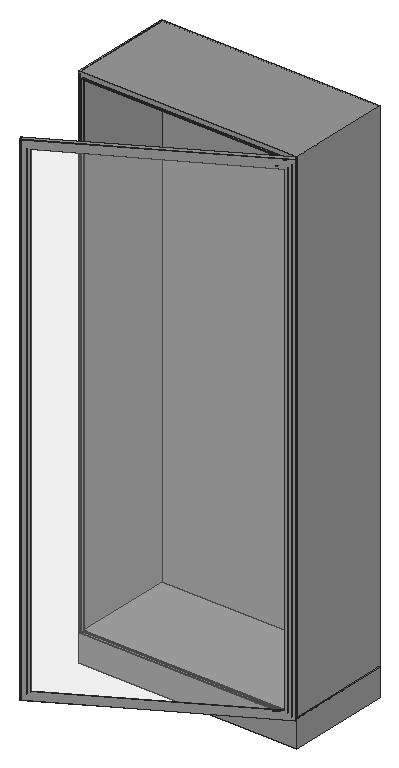
Revit family "Hager-Univers-IP55-D400-H1950-Cl.II-Steel_encl-NoHosted-SE-en", category Equipement électrique, Revit 2020
Family settings
  Configuration du panneau = Deux colonnes, circuits au sein
  Cote de connecteur circulaire = Utiliser le diamètre
  Type d'élément = Tableau de raccordement
  Basée sur le plan de construction = Oui
  Toujours verticalement = Oui
  Couper avec des vides une fois chargée = Non
  Partagée = Non
  Point de calcul de pièce = Non
Parameters (values of type "Floor installation IP55 W800 H1950 D400  - FR23U1")
  Width Control [instance] = if([EF000008 - Width] > Min Width, [EF000008 - Width], Min Width)  # 800 mm
  Commentaires du type = [HG000003 - Range]  # "Univers"
  Thickness Door [instance] = if([EF009171 - Material plate thickness door/cover] > 3 mm, 3 mm, [EF009171 - Material plate thickness door/cover])  # 1.5 mm
  Seal Frame Offset [instance] = 17 mm  # constant formula
  Plinth Visibility [instance] = [HG000027 - Plinth height] > 0 mm  # yes
  Min Width [instance] = 100 mm  # constant formula
  Min Depth [instance] = (2 * [EF009170 - Material plate thickness cabinet]) + 1 mm  # 4 mm
  Min Height [instance] = 100 mm  # constant formula
  Internal Frame Depth [instance] = (Door System Depth * 0.5)  # 9 mm
  Panel Name [instance] = ""  # (empty or 0)
  Model = ""
  HG000027 - Plinth height = 100 mm
  HG000026 - Floor standing = yes
  HG000024 - Bottom section height = 600 mm
  HG000023 - Double section enclosure = no
  HG000016 - Door 3d visibility [instance] = yes
  HG000015 - Clearance visibility [instance] = no
  HG000014 - Door on the right [instance] = yes
  HG000013 - Door on the left [instance] = not([HG000014 - Door on the right])  # no
  HG000012 - Door swing angle [instance] = 30.00°
  HG000010 - Asymmetric doors = no
  HG000009 - Double swing door = no
  HG000006 - Flush mounted = no
  HG000004 - Manufacturer reference = "FR23U1"
  HG000003 - Range = "Univers"
  HG000002 - With door or cover = yes
  Frame Offset Bottom [instance] = 10 mm  # constant formula
  Frame Offset [instance] = 15 mm  # constant formula
  EF015940 - Cover with overpressure release = no
  EF011959 - Degree of protection (NEMA) = ""
  EF009554 - Number of openings for flange plates = 6
  EF009212 - Cover model = "EV000116 - Closed"
  EF009171 - Material plate thickness door/cover = 1.5 mm
  EF009170 - Material plate thickness cabinet = 1.5 mm
  EF008873 - Nominal current (In) = 800 A
  EF007800 - Suitable for lightning protection = no
  EF006306 - With lock = no
  EF006244 - Transparent cover/door = yes
  EF005474 - Degree of protection (IP) = "EV006420 - IP55"
  EF004464 - Type of door = "EV002646 - Single"
  EF004427 - Number of modules = 432
  EF004293 - Impact strength = "EV008784 - IK10"
  EF003532 - Suitable for outdoor use = no
  EF002950 - Width in number of modular spacings = 24
  EF001613 - Circuit integrity = "EV000494 - None"
  EF001596 - Material housing = "EV000179 - Steel"
  EF001131 - Internal depth = 400 mm
  EF001088 - Extension possible = yes
  EF000437 - Number of conduit inlets = 6
  EF000339 - Type of cover = "EV004216 - Door"
  EF000266 - Number of rows = 12
  EF000218 - Built-in depth = 0 mm
  EF000118 - With mounting plate = no
  EF000116 - RAL-number = "7035"
  EF000049 - Depth = 400 mm
  EF000040 - Height = 1950 mm
  EF000008 - Width = 800 mm
  EF000007 - Colour = "EV000270 - Grey"
  EF000003 - Mounting method = "EV012274 - Floor installation"
  Door System Leaf Tolerance [instance] = 1.5 mm  # constant formula
  Door System Depth [instance] = 18 mm  # constant formula
  Door Height [instance] = Height Control - [HG000027 - Plinth height]  # 1850 mm
  Description = ""
  Default Elevation = 1219.2 mm
  Connector Offset [instance] = Height Control / 2  # 975 mm
  Fabricant = "Hager"  # constant formula
  Height Control [instance] = if([EF000040 - Height] > Min Height, [EF000040 - Height], Min Height)  # 1950 mm
  Depth Control [instance] = if([EF000049 - Depth] > Min Depth, [EF000049 - Depth], Min Depth)  # 400 mm
  Bottom Top Plate Trim [instance] = 1.5 mm  # constant formula
  Plinth height Ctrl [instance] = if([HG000027 - Plinth height] > 0 mm, [HG000027 - Plinth height], 12 mm)  # 100 mm
Types (11, lengths in mm): name | Width Control | HG000010 - Asymmetric doors | HG000009 - Double swing door | HG000004 - Manufacturer reference | EF009554 - Number of openings for flange plates | EF006244 - Transparent cover/door | EF004464 - Type of door | EF004427 - Number of modules | EF000437 - Number of conduit inlets | EF000008 - Width
  Floor installation IP55 W1050 H1950 D400  - FR24H1 | 1050 | yes | yes | "FR24H1" | 8 | no | "EV003602 - Double" | 576 | 8 | 1050
  Floor installation IP55 W1050 H1950 D400  - FR24U1 | 1050 | yes | yes | "FR24U1" | 8 | yes | "EV003602 - Double" | 576 | 8 | 1050
  Floor installation IP55 W1300 H1950 D400  - FR25H1 | 1300 | yes | yes | "FR25H1" | 10 | no | "EV003602 - Double" | 720 | 10 | 1300
  Floor installation IP55 W1300 H1950 D400  - FR25U1 | 1300 | yes | yes | "FR25U1" | 10 | yes | "EV003602 - Double" | 720 | 10 | 1300
  Floor installation IP55 W1550 H1950 D400  - FR26H1 | 1550 | yes | yes | "FR26H1" | 12 | no | "EV003602 - Double" | 864 | 12 | 1550
  Floor installation IP55 W1550 H1950 D400  - FR26U1 | 1550 | yes | yes | "FR26U1" | 12 | yes | "EV003602 - Double" | 864 | 12 | 1550
  Floor installation IP55 W300 H1950 D400  - FR21H1 | 300 | no | no | "FR21H1" | 2 | no | "EV002646 - Single" | 144 | 2 | 300
  Floor installation IP55 W550 H1950 D400  - FR22H1 | 550 | no | no | "FR22H1" | 4 | no | "EV002646 - Single" | 288 | 4 | 550
  Floor installation IP55 W550 H1950 D400  - FR22U1 | 550 | no | no | "FR22U1" | 4 | yes | "EV002646 - Single" | 288 | 4 | 550
  Floor installation IP55 W800 H1950 D400  - FR23H1 | 800 | no | no | "FR23H1" | 6 | no | "EV002646 - Single" | 432 | 6 | 800
  Floor installation IP55 W800 H1950 D400  - FR23U1 | 800 | no | no | "FR23U1" | 6 | yes | "EV002646 - Single" | 432 | 6 | 800
Reference planes
  plane 1 "Center (Front/Back)": y = 0
  plane 2: z = 0
  plane 3 "Center (Left/Right)": x = 0
  plane 4: y = 0
  plane 5: y = 0
  plane 6: z = 0
  plane 7: x = -400
  plane 8: x = 400
  plane 9: x = 398.5
  plane 10: x = -398.5
  plane 11: z = 100
  plane 12: z = 101.5
  plane 13: y = -400
  plane 14: y = -1.5
  plane 15: x = 0
  plane 16: y = -382
  plane 17: y = -398.5
  plane 18: y = -380.5
  plane 19: x = -383.5
  plane 20: x = 383.5
  plane 21: z = 111.5
  plane 22: x = -383
  plane 23: x = 383
  plane 24: z = 100
  plane 25: z = 1950
  plane 26: z = 1950
  plane 27: z = 1933.5
  plane 28: z = 1948.5
Forms (mm)
  Extrusion 1, solid, material "Hager_Steel_RAL7035_Light_Grey", detail levels medium+fine
    sketch origin (-208.679, -4572, 100) x (-1, 0, 0) y (0, -1, 0)
      loop
        line (191.321, -4190) -> (-608.679, -4190) -> (-608.679, -4572) -> (191.321, -4572) -> (191.321, -4190)
    from 0 to 1850
  Extrusion 2, void
    sketch origin (-350.771, -400, 1219.2) x (1, 0, 0) y (0, 0, 1)
      loop
        line (-47.729, 729.3) -> (-47.729, -1117.7) -> (749.271, -1117.7) -> (749.271, 729.3) -> (-47.729, 729.3)
    from -19.5 to -398.5
  Extrusion 3, void
    sketch origin (-290.084, -382, 1219.2) x (1, 0, 0) y (0, 0, 1)
      loop
        line (-93.416, -1107.7) -> (673.584, -1107.7) -> (673.584, 714.3) -> (-93.416, 714.3) -> (-93.416, -1107.7)
    from 0 to -1.5
  Extrusion 4, solid, material "Hager_Steel_RAL7035_Light_Grey", visible <- "Plinth Visibility", detail levels medium+fine
    sketch origin (0, 0, 0) x (1, 0, 0) y (0, 1, 0)
      loop
        line (-400, 0) -> (-400, -382) -> (400, -382) -> (400, 0) -> (-400, 0)
    from 0 to 100 <- "Plinth height Ctrl"
  Extrusion 5, solid, material "Hager_Steel_RAL7035_Light_Grey", detail levels coarse
    sketch origin (0, 0, 0) x (1, 0, 0) y (0, 1, 0)
      loop
        line (-400, 0) -> (-400, -400) -> (400, -400) -> (400, 0) -> (-400, 0)
    from 0 to 1950 <- "Height Control"
  Sweep 6, void
    path in 3D
      loop
        line (-400, -382, 100) -> (400, -382, 100) -> (400, 0, 100) -> (-400, 0, 100) -> (-400, -382, 100)
    profile origin (-400, -191, 100) x (1, 0, 0) y (0, 0, 1)
      loop
        line (0, 0) -> (0, -1.5) -> (1.5, -1.5)
        arc (1.5, -1.5) -> (1.061, -0.439) -> (0, 0) r 1.5
  Extrusion 7, solid, material "Hager_Steel_RAL7035_Light_Grey", detail levels fine
    sketch origin (-400, -382, 100) x (1, 0, 0) y (0, 0, 1)
      loop
        line (16.5, 11.5) -> (783.5, 11.5) -> (783.5, 1833.5) -> (16.5, 1833.5) -> (16.5, 11.5)
      loop
        line (15, 10) -> (785, 10) -> (785, 1835) -> (15, 1835) -> (15, 10)
    from 0 to 9 <- "Internal Frame Depth"
Cuts and joins
  Extrusion 2, Extrusion 3 cuts Extrusion 1
  Sweep 6 cuts Extrusion 4
Lines and regions (mm)
  Masking region 1
    outline origin (0, 0, 0) x (1, 0, 0) y (0, 1, 0)
      loop
        line (-400, 0) -> (-400, -400) -> (400, -400) -> (400, 0) -> (-400, 0)
  Masking region 2, detail levels coarse
    outline origin (-290.084, -382, 1219.2) x (-1, 0, 0) y (0, 0, 1)
      loop
        line (-690.084, -1219.2) -> (109.916, -1219.2) -> (109.916, 730.8) -> (-690.084, 730.8) -> (-690.084, -1219.2)
  Masking region 3, detail levels coarse
    outline origin (0, 0, 0) x (0, 1, 0) y (0, 0, 1)
      loop
        line (0, 0) -> (0, 1950) -> (-400, 1950) -> (-400, 0) -> (0, 0)
  Masking region 4, visible <- "Plinth Visibility", detail levels medium+fine
    outline origin (0, 0, 0) x (0, 1, 0) y (0, 0, 1)
      loop
        line (-1.5, 100) -> (-380.5, 100)
        arc (-380.5, 100) -> (-380.939, 98.939) -> (-382, 98.5) r 1.5
        line (-382, 98.5) -> (-382, 0) -> (0, 0) -> (0, 98.5)
        arc (0, 98.5) -> (-1.061, 98.939) -> (-1.5, 100) r 1.5
  Masking region 5, detail levels medium+fine
    outline origin (0, 0, 594.038) x (0, 1, 0) y (0, 0, 1)
      loop
        line (0, -494.038) -> (0, 1355.962) -> (-382, 1355.962) -> (-382, -494.038) -> (0, -494.038)
  Masking region 6, detail levels medium+fine
    outline origin (-359.7, -382, 1211.883) x (-1, 0, 0) y (0, 0, 1)
      loop
        line (-759.7, -1111.883) -> (40.3, -1111.883) -> (40.3, 738.117) -> (-759.7, 738.117) -> (-759.7, -1111.883)
  Masking region 7, visible <- "Plinth Visibility", detail levels medium+fine
    outline origin (-320.334, -382, 1041.368) x (-1, 0, 0) y (0, 0, 1)
      loop
        line (-720.334, -1041.368) -> (79.666, -1041.368) -> (79.666, -942.868)
        arc (79.666, -942.868) -> (78.606, -942.429) -> (78.166, -941.368) r 1.5
        line (78.166, -941.368) -> (-718.834, -941.368)
        arc (-718.834, -941.368) -> (-719.273, -942.429) -> (-720.334, -942.868) r 1.5
        line (-720.334, -942.868) -> (-720.334, -1041.368)
  sketch lines
    curve 1: line (-400, 0, 100) -> (-400, -382, 100)
    curve 2: line (-400, -382, 100) -> (400, -382, 100)
    curve 3: line (400, 0, 100) -> (-400, 0, 100)
    curve 4: line (400, -382, 100) -> (400, 0, 100)
Dimensions and locks
  locked: plane 1 "Center (Front/Back)" to plane 5
  "EF009170 - Material plate thickness cabinet": plane 7 to plane 10
  "EF009170 - Material plate thickness cabinet": plane 8 to plane 9
  equal spacing: plane 7, plane 3 "Center (Left/Right)", plane 8
  "Width Control": plane 7 to plane 8
  "Depth Control": plane 4 to plane 13
  "EF009170 - Material plate thickness cabinet": plane 4 to plane 14
  "Height Control": plane 25 to level
  "HG000027 - Plinth height": plane 11 to level
  "EF009170 - Material plate thickness cabinet": plane 12 to plane 11
  "EF009170 - Material plate thickness cabinet": plane 17 to plane 13
  "EF009170 - Material plate thickness cabinet": plane 18 to plane 16
  "Frame Offset Bottom": plane 21 to plane 12
  "Frame Offset": plane 10 to plane 19
  "Frame Offset": plane 9 to plane 20
  "Door System Depth": plane 16 to plane 13
  "Seal Frame Offset": plane 7 to plane 22
  "Seal Frame Offset": plane 8 to plane 23
  "EF009170 - Material plate thickness cabinet": plane 26 to plane 28
  "Frame Offset": plane 28 to plane 27
  "Connector Offset": plane 2 to connector elem
  "Bottom Top Plate Trim": profile plane to Sweep 6 sketch curve
  "Bottom Top Plate Trim": Sweep 6 sketch curve to Sweep 6 sketch curve
  "Plinth height Ctrl": Masking region 4 sketch curve to level
  "Plinth height Ctrl": Masking region 7 sketch curve to level
  "Thickness Door": Extrusion 7 sketch curve to Extrusion 7 sketch curve  (x4)
  "Bottom Top Plate Trim": radius of Sweep 6 sketch curve
  "Bottom Top Plate Trim": radius of Masking region 4 sketch curve  (x2)
  "Bottom Top Plate Trim": radius of Masking region 7 sketch curve  (x2)
  aligned and locked: Extrusion 2 sketch curve to plane 12
  aligned and locked: Extrusion 2 sketch curve to plane 9
  aligned and locked: Extrusion 2 sketch curve to plane 10
  aligned and locked: Extrusion 2 to plane 14
  aligned and locked: Extrusion 1 sketch curve to plane 4
  aligned and locked: plane 8 to Extrusion 1 sketch curve
  aligned and locked: plane 7 to Extrusion 1 sketch curve
  aligned and locked: Extrusion 2 to plane 18
  aligned and locked: Extrusion 3 sketch curve to plane 19
  aligned and locked: plane 20 to Extrusion 3 sketch curve
  aligned and locked: Extrusion 3 to Extrusion 2
  aligned and locked: Extrusion 3 sketch curve to plane 21
  aligned and locked: plane 3 "Center (Left/Right)" to nested 1
  aligned and locked: Extrusion 1 sketch curve to plane 16
  aligned and locked: Extrusion 4 sketch curve to cut or joined group of Extrusion 1, Extrusion 2, Extrusion 3
  aligned and locked: Masking region 1 sketch curve to plane 7
  aligned and locked: Masking region 1 sketch curve to plane 5
  aligned and locked: Masking region 1 sketch curve to plane 8
  aligned and locked: Masking region 2 sketch curve to level
  aligned and locked: level to Masking region 3 sketch curve
  aligned and locked: plane 1 "Center (Front/Back)" to Masking region 3 sketch curve
  aligned and locked: plane 13 to Masking region 3 sketch curve
  aligned and locked: plane 5 to Masking region 4 sketch curve
  aligned and locked: Masking region 2 sketch curve to plane 8
  aligned and locked: Masking region 2 sketch curve to plane 7
  aligned and locked: plane 7 to nested 2
  aligned and locked: nested 2 to plane 5
  aligned and locked: plane 5 to Masking region 5 sketch curve
  aligned and locked: plane 26 to Masking region 5 sketch curve
  aligned and locked: Extrusion 5 sketch curve to plane 8
  aligned and locked: Extrusion 5 sketch curve to plane 7
  aligned and locked: Extrusion 5 sketch curve to plane 5
  aligned and locked: Extrusion 3 sketch curve to plane 27
  aligned and locked: Extrusion 2 sketch curve to plane 28
  aligned and locked: Masking region 2 to plane 25
  aligned and locked: Extrusion 4 to plane 16
  aligned and locked: profile plane to Sweep 6 sketch curve
  aligned and locked: Masking region 5 sketch curve to plane 24
  aligned and locked: level to Masking region 4 sketch curve
  aligned and locked: Masking region 1 to plane 13
  aligned and locked: nested 1 to plane 16
  aligned and locked: Masking region 3 to plane 25
  aligned and locked: plane 16 to Masking region 4 sketch curve
  aligned and locked: Masking region 5 sketch curve to plane 16
  aligned and locked: plane 24 to plane 11
  aligned and locked: plane 26 to plane 25
  aligned and locked: plane 26 to cut or joined group of Extrusion 1, Extrusion 2, Extrusion 3
  aligned and locked: nested 1 to plane 24
  aligned and locked: Extrusion 1 to Extrusion 3
  aligned and locked: Masking region 6 sketch curve to plane 8
  aligned and locked: Masking region 6 sketch curve to plane 24
  aligned and locked: Masking region 6 sketch curve to plane 7
  aligned and locked: Masking region 6 sketch curve to plane 26
  aligned and locked: Masking region 7 sketch curve to plane 7
  aligned and locked: level to Masking region 7 sketch curve
  aligned and locked: Masking region 7 sketch curve to plane 8
  aligned and locked: Extrusion 7 sketch curve to cut or joined group of Extrusion 1, Extrusion 2, Extrusion 3  (x4)
Automatic sketch dimensions
  plane 19 to Extrusion 3 sketch curve = 0 mm
  Extrusion 3 sketch curve to plane 20 = 0 mm
  Extrusion 3 sketch curve to plane 21 = 0 mm
  Extrusion 4 sketch curve to plane 7 = 0 mm
  Extrusion 4 sketch curve to plane 8 = 0 mm
  Extrusion 4 sketch curve to plane 16 = 0 mm
  Masking region 1 sketch curve to plane 13 = 0 mm
  Masking region 2 sketch curve to plane 25 = 0 mm
  Masking region 3 sketch curve to plane 25 = 0 mm
  Extrusion 5 sketch curve to plane 13 = 0 mm
  profile plane to Sweep 6 sketch curve = 0 mm
Nested families
  nested 1: "EC000058_Univers_Door" at (0, -382, 100), Double <- "HG000009 - Double swing door", Transparent <- "EF006244 - Transparent cover/door", Angle <- "HG000012 - Door swing angle", Door_Right <- "HG000014 - Door on the right", Assymetrical <- "HG000010 - Asymmetric doors", Door <- "HG000002 - With door or cover", Width_Ctrl <- "Width Control", 3d_Door <- "HG000016 - Door 3d visibility", Clearance <- "HG000015 - Clearance visibility", Door_Left <- "HG000013 - Door on the left", Width <- "Width Control", Door_Depth <- "Door System Depth", Leaf_Tolerance <- "Door System Leaf Tolerance", Height <- "Door Height", Lock_Visibility <- "EF006306 - With lock", Thickness <- "Thickness Door", type "EC000058_Univers_Door", detail levels medium+fine
    with min_wh 4 mm, Width_Ctrl 800 mm, Width 800 mm, Transparent yes, Thickness 1.5 mm, Seal_Material Hager_Rubber, Lock_Visibility no, Lock_Material Hager_Plastic_RAL9005_Jet_Black, Leaf_Width 800 mm, Leaf_Tolerance_External_Sides 0 mm, Leaf_Tolerance 1.5 mm, Leaf_Offset 0 mm, Leaf_Height 1847 mm, Leaf_2_Width 800 mm, Leaf_2_Offset 400 mm, Leaf_1_Width 800 mm, Leaf_1_Offset 400 mm, Height_Ctrl 1850 mm, Height 1850 mm, Glass_Material Hager_Glass, Double_Clearance_Ctrl no, Double no, Door_Right_Ctrl yes, Door_Right yes, Door_Material Hager_Steel_RAL7035_Light_Grey, Door_Left_Ctrl no, Door_Left no, Door_Depth 18 mm, Door yes, Clearance_Material Hager_Clearance, Clearance_Depth 800 mm, Clearance_Ctrl no, Clearance no, Assymetrical no, Angle 30.00°, 3d_Door yes
  nested 2: "Hager_Enclosure_Symbol" at (-400, 0, 0), Height <- "Depth Control", Width <- "Width Control", type "Hager_Enclosure_Symbol"
    with Width_Ctrl 800 mm, Width 800 mm, Height_Ctrl 400 mm, Height 400 mm, A_Width_Int 26.25 mm, A_Width 315 mm, A_Height_Ctrl 350 mm, A_Height 350 mm
Connectors
  electrical at (0, 0, 975)
    settings: on plane 1 "Center (Front/Back)", index 1, voltage 0 V, apparent load 0 VA, apparent load phase1 0 VA, apparent load phase2 0 VA, apparent load phase3 0 VA, power factor 1, load classification "Other", number of poles 1, system type 30, power factor state 1, is connector primary yes, connector utility no, sub classification motor no, connector description ""
Definition of nested family "EC000058_Univers_Door"
  Parameters (values of type "EC000058_Univers_Door")
    min_wh [instance] = (2 * Thickness) + 1 mm  # 11 mm
    Width_Ctrl [instance] = 400 mm
    Width [instance] = 500 mm
    Transparent [instance] = yes
    Thickness [instance] = 5 mm
    Seal_Material [instance] = none
    Lock_Visibility [instance] = yes
    Lock_Material [instance] = none
    Leaf_Width [instance] = if((Width_Ctrl - 2 * Leaf_Tolerance_External_Sides) > 0 mm, (Width_Ctrl - 2 * Leaf_Tolerance_External_Sides), min_wh)  # 400 mm
    Leaf_Tolerance_External_Sides [instance] = 0 mm  # constant formula
    Leaf_Tolerance [instance] = 1.5 mm
    Leaf_Offset [instance] = 0 mm  # constant formula
    Leaf_Height [instance] = if((Height_Ctrl - 2 * Leaf_Tolerance) > 0 mm, (Height_Ctrl - 2 * Leaf_Tolerance), min_wh)  # 497 mm
    Leaf_2_Width [instance] = if(and(and(Double, Assymetrical), Door_Left), (Leaf_Width / 3) - (Leaf_Tolerance / 2), if(and(and(Double, Assymetrical), Door_Right), (Leaf_Width / 3) * 2 - (Leaf_Tolerance / 2), if(and(Double, not(Assymetrical)), (Leaf_Width / 2) - Leaf_Tolerance, Leaf_Width)))  # 400 mm
    Leaf_2_Offset [instance] = if(and(Double, Assymetrical), Leaf_2_Width / 2, if(and(Double, not(Assymetrical)), Leaf_Width / 4, Leaf_Width / 2))  # 200 mm
    Leaf_1_Width [instance] = if(and(and(Double, Assymetrical), Door_Right), (Leaf_Width / 3) - (Leaf_Tolerance / 2), if(and(and(Double, Assymetrical), Door_Left), (Width / 3) * 2 - (Leaf_Tolerance / 2), if(and(Double, not(Assymetrical)), (Leaf_Width / 2) - Leaf_Tolerance, Leaf_Width)))  # 400 mm
    Leaf_1_Offset [instance] = if(and(Double, Assymetrical), Leaf_1_Width / 2, if(and(Double, not(Assymetrical)), Leaf_Width / 4, Leaf_Width / 2))  # 200 mm
    Height_Ctrl [instance] = if(Height > min_wh, Height, min_wh)  # 500 mm
    Height [instance] = 500 mm
    Glass_Material [instance] = none
    Double_Clearance_Ctrl [instance] = and(Double, Clearance)  # no
    Double [instance] = no
    Door_Right_Ctrl [instance] = and(or(Door_Right, Double), Door)  # yes
    Door_Right [instance] = yes
    Door_Material [instance] = none
    Door_Left_Ctrl [instance] = and(or(Door_Left, Double), Door)  # no
    Door_Left [instance] = no
    Door_Depth [instance] = 30 mm
    Door [instance] = yes
    Default Elevation = 1219.2 mm
    Clearance_Material [instance] = none
    Clearance_Depth [instance] = if(Leaf_1_Width > Leaf_2_Width, Leaf_1_Width, Leaf_2_Width)  # 400 mm
    Clearance_Ctrl [instance] = and(not(Double), Clearance)  # yes
    Clearance [instance] = yes
    Assymetrical [instance] = yes
    Angle [instance] = 30.00°
    3d_Door [instance] = yes
  Reference planes
    plane 1 "Center (Front/Back)": y = 0
    plane 2 "Bottom": z = 0
    plane 3 "Center (Left/Right)": x = 0
    plane 4: z = 500
    plane 5: x = -200
    plane 6: x = 200
    plane 7: z = 500
    plane 8: x = -200
    plane 9: z = 0
    plane 10: x = 200
    plane 11: y = 0
    plane 12: z = 1.5
    plane 13: x = -600
    plane 14: y = -400
    plane 15: x = 600
    plane 16: x = 0
    plane 17: x = 0
    plane 18: x = -200
    plane 19: x = 200
    plane 20: z = 498.5
  Forms (mm)
    Extrusion 1, solid, material <- "Clearance_Material", visible <- "Double_Clearance_Ctrl"
      sketch origin (1200, 0, 0) x (1, 0, 0) y (0, 0, -1)
        loop
          line (-1800, -498.5) -> (-600, -498.5) -> (-600, 0) -> (-1800, 0) -> (-1800, -498.5)
      from 0 to -400
  Dimensions and locks
    equal spacing: plane 5, plane 3 "Center (Left/Right)", plane 6
    "Width_Ctrl": plane 5 to plane 6
    "Leaf_Offset": plane 5 to plane 8
    "Leaf_Offset": plane 6 to plane 10
    "Leaf_Offset": plane 9 to level
    "Leaf_Offset": plane 4 to plane 7
    "Height_Ctrl": plane 4 to level
    "Leaf_Tolerance": plane 12 to plane 9
    locked: plane 11 to plane 1 "Center (Front/Back)"
    "Leaf_1_Offset": plane 18 to plane 16
    "Leaf_2_Offset": plane 17 to plane 19
    "Leaf_1_Width": plane 13 to plane 8
    "Leaf_2_Width": plane 10 to plane 15
    "Clearance_Depth": plane 14 to plane 1 "Center (Front/Back)"
    "Leaf_Tolerance_External_Sides": plane 8 to plane 18
    "Leaf_Tolerance_External_Sides": plane 19 to plane 10
    "Leaf_Tolerance": plane 7 to plane 20
    aligned and locked: level to plane 2 "Bottom"
    aligned and locked: nested 1 to plane 16
    aligned and locked: nested 2 to plane 17
    aligned and locked: Extrusion 1 to plane 13
    aligned and locked: plane 15 to Extrusion 1
    aligned and locked: Extrusion 1 to plane 14
    aligned and locked: plane 12 to nested 1
    aligned and locked: nested 2 to plane 12
    aligned and locked: Extrusion 1 to plane 11
    aligned and locked: plane 20 to Extrusion 1
    aligned and locked: nested 2 to plane 11
    aligned and locked: nested 1 to plane 11
  Automatic sketch dimensions
    Extrusion 1 sketch curve to level = 0 mm
    plane 5 to Extrusion 1 sketch curve = 400 mm
    plane 6 to Extrusion 1 sketch curve = 400 mm
    Extrusion 1 sketch curve to plane 4 = 1.5 mm
  Nested families
    nested 1: "EC000058_Univers_Door_Leaf" at (0, 0, 1.5), Width <- "Leaf_1_Width", visible <- "Door_Left_Ctrl", Leaf_Height <- "Leaf_Height", Angle <- "Angle", 3d_Door <- "3d_Door", Transparent <- "Transparent", Clearance Material <- "Clearance_Material", Clearance <- "Clearance_Ctrl", Door_Material <- "Door_Material", Glass_Material <- "Glass_Material", Door_Depth <- "Door_Depth", Lock_Material <- "Lock_Material", Seal_Material <- "Seal_Material", Lock_Visibility <- "Lock_Visibility", Thickness <- "Thickness", type "EC000058_Univers_Door_Leaf"
      with Width 400 mm, Transparent_Glass_Offset 30 mm, Transparent_Ctrl yes, Transparent yes, Thickness 5 mm, Standard no, Seal_Material none, Seal_D2 8 mm, Seal_D1 1 mm, Offset_Internal_Frame 10 mm, Lock_Width 20 mm, Lock_Visibility_3d yes, Lock_Visibility yes, Lock_Thickness_3 3 mm, Lock_Thickness_2 1 mm, Lock_Thickness_1 3 mm, Lock_Radius_Offset_2 16 mm, Lock_Radius_Offset_1 15 mm, Lock_Radius_2 5 mm, Lock_Radius 6 mm, Lock_Offset 5 mm, Lock_Material none, Lock_Height 80 mm, Lock_Cover_Top_Offset_2d 17 mm, Lock_Cover_Height -65 mm, Leaf_Height 497 mm, Internal_Seal_Thickness 8 mm, Internal_Seal_Depth_2 4.5 mm, Internal_Frame_Depth 25 mm, Glass_Thickness -1 mm, Glass_Offset -2 mm, Glass_Material none, Door_Material none, Door_Depth 30 mm, Clearance Material none, Clearance yes, Angle_Ctrl 30.00°, Angle 30.00°, 3d_Door yes
    nested 2: "EC000058_Univers_Door_Leaf" at (0, 0, 1.5) x (-1, 0, 0) z (0, 0, 1), Width <- "Leaf_2_Width", visible <- "Door_Right_Ctrl", Leaf_Height <- "Leaf_Height", Angle <- "Angle", 3d_Door <- "3d_Door", Transparent <- "Transparent", Clearance Material <- "Clearance_Material", Clearance <- "Clearance_Ctrl", Door_Material <- "Door_Material", Glass_Material <- "Glass_Material", Door_Depth <- "Door_Depth", Lock_Material <- "Lock_Material", Seal_Material <- "Seal_Material", Lock_Visibility <- "Lock_Visibility", Thickness <- "Thickness", type "EC000058_Univers_Door_Leaf"
      with Width 400 mm, Transparent_Glass_Offset 30 mm, Transparent_Ctrl yes, Transparent yes, Thickness 5 mm, Standard no, Seal_Material none, Seal_D2 8 mm, Seal_D1 1 mm, Offset_Internal_Frame 10 mm, Lock_Width 20 mm, Lock_Visibility_3d yes, Lock_Visibility yes, Lock_Thickness_3 3 mm, Lock_Thickness_2 1 mm, Lock_Thickness_1 3 mm, Lock_Radius_Offset_2 16 mm, Lock_Radius_Offset_1 15 mm, Lock_Radius_2 5 mm, Lock_Radius 6 mm, Lock_Offset 5 mm, Lock_Material none, Lock_Height 80 mm, Lock_Cover_Top_Offset_2d 17 mm, Lock_Cover_Height -65 mm, Leaf_Height 497 mm, Internal_Seal_Thickness 8 mm, Internal_Seal_Depth_2 4.5 mm, Internal_Frame_Depth 25 mm, Glass_Thickness -1 mm, Glass_Offset -2 mm, Glass_Material none, Door_Material none, Door_Depth 30 mm, Clearance Material none, Clearance yes, Angle_Ctrl 30.00°, Angle 30.00°, 3d_Door yes
  Definition of nested family "EC000058_Univers_Door_Leaf"
    Parameters (values of type "EC000058_Univers_Door_Leaf")
      Width [instance] = 2000 mm
      Transparent_Glass_Offset [instance] = 30 mm
      Transparent_Ctrl [instance] = and(Transparent, [3d_Door])  # yes
      Transparent [instance] = yes
      Thickness [instance] = 5 mm
      Standard [instance] = and(not(Transparent), [3d_Door])  # no
      Seal_Material [instance] = none
      Seal_D2 [instance] = 8 mm  # constant formula
      Seal_D1 [instance] = 1 mm  # constant formula
      Offset_Internal_Frame [instance] = 10 mm  # constant formula
      Lock_Width [instance] = 20 mm  # constant formula
      Lock_Visibility_3d [instance] = and(Lock_Visibility, [3d_Door])  # yes
      Lock_Visibility [instance] = yes
      Lock_Thickness_3 [instance] = 3 mm  # constant formula
      Lock_Thickness_2 [instance] = 1 mm  # constant formula
      Lock_Thickness_1 [instance] = 3 mm  # constant formula
      Lock_Radius_Offset_2 [instance] = Lock_Radius_Offset_1 + 1 mm  # 16 mm
      Lock_Radius_Offset_1 [instance] = 15 mm  # constant formula
      Lock_Radius_2 [instance] = Lock_Radius - 1 mm  # 5 mm
      Lock_Radius [instance] = 6 mm  # constant formula
      Lock_Offset [instance] = 5 mm  # constant formula
      Lock_Material [instance] = none
      Lock_Height [instance] = 80 mm  # constant formula
      Lock_Cover_Top_Offset_2d [instance] = Lock_Radius_Offset_2 + 1 mm  # 17 mm
      Lock_Cover_Height [instance] = -(Lock_Height - Lock_Radius_Offset_1)  # -65 mm
      Leaf_Height [instance] = 2720.336 mm
      Internal_Seal_Thickness [instance] = 8 mm  # constant formula
      Internal_Seal_Depth_2 [instance] = 4.5 mm  # constant formula
      Internal_Frame_Depth [instance] = if(Door_Depth - Thickness > 5 mm, Door_Depth - Thickness, 5 mm)  # 25 mm
      Glass_Thickness [instance] = if(Thickness > 15 mm, Glass_Offset + 10 mm, -1 mm)  # -1 mm
      Glass_Offset [instance] = if(Thickness > 15 mm, -(Thickness + 10 mm) / 2, -2 mm)  # -2 mm
      Glass_Material [instance] = none
      Door_Material [instance] = none
      Door_Depth [instance] = 30 mm
      Default Elevation = 0 mm
      Clearance Material [instance] = none
      Clearance [instance] = yes
      Angle_Ctrl [instance] = if(Angle > 180.00°, 180.00°, Angle)  # 90.00°
      Angle [instance] = 90.00°
      3d_Door [instance] = yes
    Reference planes
      plane 1 "Center (Front/Back)": y = 0
      plane 2: z = 0
      plane 3 "Center (Left/Right)": x = 0
      plane 4: y = 2000
      plane 5: x = -1000
      plane 6: x = 1000
      plane 7: x = -3000
      plane 8: z = 2720.336
      plane 9: z = 30
      plane 10: z = 2690.336
      plane 11: x = 970
      plane 12: x = -970
      plane 13: y = -3
      plane 14: z = 107.833
      plane 15: y = -5
      plane 16: y = -223.314
      plane 17: x = -1000
      plane 18: z = 1360.168
      plane 19: y = 30
    Forms (mm)
      Extrusion 1, solid, material <- "Clearance Material", visible <- "Clearance"
        sketch origin (0, 0, 0) x (1, 0, 0) y (0, 0, 1)
          loop
            line (-3000, 2720.336) -> (-3000, 0) -> (1000, 0) -> (1000, 2720.336) -> (-3000, 2720.336)
        from 0 to -2000
      Extrusion 2, solid, material <- "Door_Material", visible <- "Standard", detail levels medium+fine
        sketch origin (-1000, 0, 0) x (0, 1, 0) y (-1, 0, 0)
          loop
            line (0, 30) -> (0, 25) -> (2000, 25) -> (2000, 30) -> (0, 30)
        from 0 to 2720.336 <- "Leaf_Height"
      Extrusion 3, solid, material <- "Door_Material", visible <- "Transparent_Ctrl", detail levels medium+fine
        sketch origin (-1000, 0, 0) x (0, 1, 0) y (-1, 0, 0)
          loop
            line (0, 25) -> (2000, 25) -> (2000, 30) -> (0, 30) -> (0, 25)
        from 0 to 2720.336 <- "Leaf_Height"
      Extrusion 4, void
        sketch origin (-1025, 2000, 0) x (0, 1, 0) y (0, 0, -1)
          loop
            line (-30, -2690.336) -> (-30, -30) -> (-1970, -30) -> (-1970, -2690.336) -> (-30, -2690.336)
        from 0 to 5 <- "Thickness"
      Sweep 5, solid, material <- "Seal_Material", visible <- "Transparent_Ctrl", detail levels fine
        path in 3D
          loop
            line (-1025, 30, 30) -> (-1025, 30, 2690.336) -> (-1025, 1970, 2690.336) -> (-1025, 1970, 30) -> (-1025, 30, 30)
        profile origin (-1025, 1000, 30) x (1, 0, 0) y (0, 0, 1)
          loop
            line (0, 0) -> (0, -8) -> (1, -8) -> (1, 0) -> (0, 0)
      Extrusion 6, solid, material <- "Glass_Material", visible <- "Transparent_Ctrl", detail levels medium+fine
        sketch origin (-1030, 0, 0) x (0, 1, 0) y (0, 0, -1)
          loop
            line (1970, -2690.336) -> (1970, -30) -> (30, -30) -> (30, -2690.336) -> (1970, -2690.336)
        from -2 <- "Glass_Offset" to -1 <- "Glass_Thickness"
      Extrusion 7, solid, material <- "Door_Material", visible <- "3d_Door", detail levels medium+fine
        sketch origin (-1025, 2000, 0) x (0, -1, 0) y (0, 0, -1)
          loop
            line (0, -2720.336) -> (2000, -2720.336) -> (2000, 0) -> (0, 0) -> (0, -2720.336)
          loop
            line (1995, -5) -> (5, -5) -> (5, -2715.336) -> (1995, -2715.336) -> (1995, -5)
        from 0 to 25 <- "Internal_Frame_Depth"
      Sweep 8, solid, material <- "Seal_Material", visible <- "Transparent_Ctrl", detail levels fine
        path in 3D
          loop
            line (-1025, 0, 0) -> (-1025, 2000, 0) -> (-1025, 2000, 2720.336) -> (-1025, 0, 2720.336) -> (-1025, 0, 0)
        profile origin (-1025, 0, 1360.168) x (1, 0, 0) y (0, 1, 0)
          loop
            line (0, 10) -> (2.975, 10)
            arc (2.975, 10) -> (4.053, 10.447) -> (4.5, 11.525) r 1.525
            line (4.5, 11.525) -> (4.5, 16.527)
            arc (4.5, 16.527) -> (4.069, 17.569) -> (3.027, 18) r 1.473
            line (3.027, 18) -> (0, 18) -> (0, 10)
      Extrusion 9, solid, material <- "Lock_Material", visible <- "Lock_Visibility_3d", detail levels fine
        sketch origin (-1030, 0, 0) x (0, 1, 0) y (0, 0, -1)
          loop
            arc (1993.5, -1400.168) -> (1994.561, -1399.729) -> (1995, -1398.668) r 1.5
            line (1995, -1398.668) -> (1995, -1320.168) -> (1975, -1320.168) -> (1975, -1398.668)
            arc (1975, -1398.668) -> (1975.439, -1399.729) -> (1976.5, -1400.168) r 1.5
            line (1976.5, -1400.168) -> (1993.5, -1400.168)
        from 3 <- "Lock_Thickness_1" to 0
      Blend 10, solid, material <- "Lock_Material", visible <- "Lock_Visibility_3d", detail levels fine
        base sketch origin (-1033, 0, 0) x (0, 1, 0) y (0, 0, -1)
          loop
            line (1975, -1320.168) -> (1975, -1398.668)
            arc (1975, -1398.668) -> (1975.439, -1399.729) -> (1976.5, -1400.168) r 1.5
            line (1976.5, -1400.168) -> (1993.5, -1400.168)
            arc (1993.5, -1400.168) -> (1994.561, -1399.729) -> (1995, -1398.668) r 1.5
            line (1995, -1398.668) -> (1995, -1320.168) -> (1975, -1320.168)
        top sketch origin (-1033, 0, 0) x (0, 1, 0) y (0, 0, -1)
          loop
            line (1976, -1320.168) -> (1976, -1398.668)
            arc (1976, -1398.668) -> (1976.146, -1399.022) -> (1976.5, -1399.168) r 0.5
            line (1976.5, -1399.168) -> (1993.5, -1399.168)
            arc (1993.5, -1399.168) -> (1993.854, -1399.022) -> (1994, -1398.668) r 0.5
            line (1994, -1398.668) -> (1994, -1320.168) -> (1976, -1320.168)
        from 0 to 1 <- "Lock_Thickness_2"
      Blend 11, solid, material <- "Lock_Material", visible <- "Lock_Visibility_3d", detail levels fine
        base sketch origin (-1034, 0, 0) x (0, 1, 0) y (0, 0, -1)
          loop
            line (1978, -1320.168) -> (1978, -1384.168)
            arc (1978, -1384.168) -> (1985, -1391.168) -> (1992, -1384.168) r 7
            line (1992, -1384.168) -> (1992, -1320.168) -> (1978, -1320.168)
        top sketch origin (-1034, 0, 0) x (0, 1, 0) y (0, 0, -1)
          loop
            line (1991, -1320.168) -> (1979, -1320.168) -> (1979, -1383.168)
            arc (1979, -1383.168) -> (1985, -1389.168) -> (1991, -1383.168) r 6
            line (1991, -1383.168) -> (1991, -1320.168)
        from 0 to 3 <- "Lock_Thickness_3"
      Extrusion 12, solid, material <- "Lock_Material", visible <- "Lock_Visibility_3d", detail levels fine
        sketch origin (-1030, 1975, 1320.168) x (1, 0, 0) y (0, -1, 0)
          loop
            line (-7, -19) -> (-7, -1) -> (0, -1) -> (0, 0) -> (-8, 0) -> (-8, -20) -> (0, -20) -> (0, -19) -> (-7, -19)
        from 0 to -65 <- "Lock_Cover_Height"
      Extrusion 13, void
        sketch origin (-1038, 1995, 1320.168) x (-1, 0, 0) y (0, 0, -1)
          loop
            line (-5, -65) -> (0, -65) -> (-5, -60) -> (-5, -65)
        from 0 to 20 <- "Lock_Width"
      Extrusion 14, void
        sketch origin (-1038, 1975, 1320.168) x (0, -1, 0) y (0, 0, -1)
          loop
            circle (-10, -15.995) r 6
          loop
            circle (-10, -15.995) r 5
        from 0 to 2
      Extrusion 15, solid, material <- "Lock_Material", visible <- "Lock_Visibility_3d", detail levels medium
        sketch origin (-1030, 0, 0) x (0, 1, 0) y (0, 0, -1)
          loop
            arc (1993.5, -1400.168) -> (1994.561, -1399.729) -> (1995, -1398.668) r 1.5
            line (1995, -1398.668) -> (1995, -1320.168) -> (1975, -1320.168) -> (1975, -1398.668)
            arc (1975, -1398.668) -> (1975.439, -1399.729) -> (1976.5, -1400.168) r 1.5
            line (1976.5, -1400.168) -> (1993.5, -1400.168)
        from 8 to 0
    Cuts and joins
      Extrusion 4 cuts Extrusion 3
      Extrusion 13, Extrusion 14 cuts Extrusion 9
      Extrusion 14 cuts Blend 11
      Extrusion 13, Extrusion 14 cuts Extrusion 12
      joined: Extrusion 9, Blend 10, Blend 11, Extrusion 12
      Extrusion 14 cuts Extrusion 15
    Lines and regions (mm)
      Masking region 1, visible <- "Lock_Visibility", detail levels fine
        outline origin (0, 0, 0) x (0, 1, 0) y (0, 0, 1)
          loop
            line (30, 1320.168) -> (33, 1320.168) -> (33, 1400.168) -> (30, 1400.168) -> (30, 1320.168)
      Masking region 2, visible <- "Lock_Visibility", detail levels fine
        outline origin (0, 3.143, 0) x (0, 1, 0) y (0, 0, 1)
          loop
            line (29.857, 1354.168) -> (30.857, 1354.168) -> (30.857, 1366.168) -> (29.857, 1366.168) -> (29.857, 1354.168)
      Masking region 3, detail levels medium+fine
        outline origin (0, 0, 0) x (0, 1, 0) y (0, 0, 1)
          loop
            line (0, 0) -> (30, 0) -> (30, 2720.336) -> (0, 2720.336) -> (0, 0)
      Masking region 4, detail levels medium+fine
        outline origin (0, 0, 0) x (1, 0, 0) y (0, 0, 1)
          loop
            line (-1000, 2720.336) -> (-1000, 0) -> (1000, 0) -> (1000, 2720.336) -> (-1000, 2720.336)
      Masking region 5, visible <- "Lock_Visibility", detail levels fine
        outline origin (-47.116, 0, 0) x (1, 0, 0) y (0, 0, 1)
          loop
            arc (1024.616, 1399.168) -> (1023.556, 1398.729) -> (1023.116, 1397.668) r 1.5
            line (1023.116, 1397.668) -> (1023.116, 1320.168) -> (1041.116, 1320.168) -> (1041.116, 1397.668)
            arc (1041.116, 1397.668) -> (1040.677, 1398.729) -> (1039.616, 1399.168) r 1.5
            line (1039.616, 1399.168) -> (1024.616, 1399.168)
      Masking region 6, visible <- "Lock_Visibility", detail levels medium+fine
        outline origin (-25, 0, 0) x (1, 0, 0) y (0, 0, 1)
          loop
            arc (1001.5, 1400.168) -> (1000.439, 1399.729) -> (1000, 1398.668) r 1.5
            line (1000, 1398.668) -> (1000, 1320.168) -> (1020, 1320.168) -> (1020, 1398.668)
            arc (1020, 1398.668) -> (1019.561, 1399.729) -> (1018.5, 1400.168) r 1.5
            line (1018.5, 1400.168) -> (1001.5, 1400.168)
      Masking region 7, visible <- "Lock_Visibility", detail levels fine
        outline origin (-73.735, 0, 0) x (1, 0, 0) y (0, 0, 1)
          loop
            line (1051.735, 1382.168) -> (1065.735, 1382.168) -> (1065.735, 1384.168)
            arc (1065.735, 1384.168) -> (1058.735, 1391.168) -> (1051.735, 1384.168) r 7
            line (1051.735, 1384.168) -> (1051.735, 1382.168)
      Masking region 8, visible <- "Lock_Visibility", detail levels fine
        outline origin (-73.735, 0, 0) x (1, 0, 0) y (0, 0, 1)
          loop
            line (1052.735, 1382.168) -> (1064.735, 1382.168) -> (1064.735, 1383.168)
            arc (1064.735, 1383.168) -> (1058.735, 1389.168) -> (1052.735, 1383.168) r 6
            line (1052.735, 1383.168) -> (1052.735, 1382.168)
      Masking region 9, visible <- "Lock_Visibility", detail levels fine
        outline origin (-25, 0, 0) x (1, 0, 0) y (0, 0, 1)
          loop
            line (1020, 1320.168) -> (1020, 1382.168) -> (1000, 1382.168) -> (1000, 1320.168) -> (1020, 1320.168)
      Masking region 10, detail levels medium+fine
        outline origin (0, 0, 0) x (1, 0, 0) y (0, 0, 1)
          loop
            circle (985, 1335.144) r 6
      Masking region 11, detail levels fine
        outline origin (0, 0, 0) x (1, 0, 0) y (0, 0, 1)
          loop
            circle (985, 1335.144) r 5
      Masking region 12, visible <- "Lock_Visibility", detail levels fine
        outline origin (0, 12.767, 0) x (0, 1, 0) y (0, 0, 1)
          loop
            line (20.233, 1320.168) -> (21.233, 1320.168) -> (21.233, 1399.168) -> (20.233, 1400.168) -> (20.233, 1320.168)
      Masking region 13, visible <- "Lock_Visibility", detail levels fine
        outline origin (0, 13.767, -10) x (0, 1, 0) y (0, 0, 1)
          loop
            line (20.233, 1330.168) -> (23.233, 1330.168) -> (23.233, 1399.168) -> (20.233, 1402.168) -> (20.233, 1330.168)
      Masking region 14, visible <- "Lock_Visibility", detail levels fine
        outline origin (0, 12.767, -10) x (0, 1, 0) y (0, 0, 1)
          loop
            line (20.233, 1330.168) -> (25.233, 1330.168) -> (25.233, 1399.305) -> (20.233, 1394.305) -> (20.233, 1330.168)
      Masking region 15, visible <- "Lock_Visibility", detail levels medium
        outline origin (0, 0, 0) x (0, 1, 0) y (0, 0, 1)
          loop
            line (30, 1320.168) -> (38, 1320.168) -> (38, 1400.168) -> (30, 1400.168) -> (30, 1320.168)
      Masking region 16, visible <- "Lock_Visibility", detail levels fine
        outline origin (-1000, 0, 0) x (0, 1, 0) y (-1, 0, 0)
          loop
            line (1975, 30) -> (1995, 30) -> (1995, 38) -> (1975, 38) -> (1975, 30)
          loop
            line (1979, 37) -> (1976, 37) -> (1976, 34) -> (1978, 34) -> (1979, 37)
          loop
            line (1994, 37) -> (1991, 37) -> (1992, 34) -> (1994, 34) -> (1994, 37)
      Masking region 17, visible <- "Lock_Visibility", detail levels medium
        outline origin (-1000, 0, 0) x (0, 1, 0) y (-1, 0, 0)
          loop
            line (1975, 30) -> (1995, 30) -> (1995, 38) -> (1975, 38) -> (1975, 30)
      symbolic lines
        curve 1: line (1000, 0, 0) -> (-3000, 0, 0)
        curve 2: arc (1000, 0, 0) -> (-1000, 2000, 0) -> (-3000, 0, 0) r 2000
        curve 4: line (-1030, 0, 0) -> (-1030, 2000, 0)
      reference lines
        curve 3: line (-1000, 0, 0) -> (-1000, 2000, 0)
      symbolic lines, detail levels medium+fine
        curve 5: line (-1030, 2000, 0) -> (-1025, 2000, 0)
        curve 7: line (-1025, 0, 0) -> (-1030, 0, 0)
        curve 8: line (-1025, 0, 0) -> (-1000, 0, 0)
        curve 9: line (-1000, 0, 0) -> (-1000, 2000, 0)
        curve 10: line (-1000, 2000, 0) -> (-1025, 2000, 0)
      symbolic lines, detail levels fine
        curve 6: line (-1025, 2000, 0) -> (-1025, 0, 0)
      sketch lines
        curve 11: line (-1025, 0, 2720.336) -> (-1025, 0, 0)
        curve 12: line (-1025, 2000, 0) -> (-1025, 0, 0)
        curve 13: line (-1025, 2000, 2720.336) -> (-1025, 2000, 0)
        curve 14: line (-1025, 0, 2720.336) -> (-1025, 2000, 2720.336)
        curve 15: line (-1025, 1970, 30) -> (-1025, 30, 30)
        curve 16: line (-1025, 30, 30) -> (-1025, 30, 2690.336)
        curve 17: line (-1025, 1970, 2690.336) -> (-1025, 1970, 30)
        curve 18: line (-1025, 30, 2690.336) -> (-1025, 1970, 2690.336)
      symbolic lines, visible <- "Transparent", detail levels medium+fine
        curve 19: line (-970, 0, 2690.336) -> (970, 0, 2690.336)
        curve 20: line (-970, 0, 30) -> (-970, 0, 2690.336)
        curve 21: line (970, 0, 30) -> (-970, 0, 30)
        curve 22: line (970, 0, 2690.336) -> (970, 0, 30)
    Dimensions and locks
      "Width": plane 1 "Center (Front/Back)" to plane 4
      equal spacing: plane 5, plane 3 "Center (Left/Right)", plane 6
      "Width": plane 5 to plane 6
      "Width": plane 7 to plane 5
      "Leaf_Height": plane 8 to level
      "Width": curve 5 to curve 3
      "Width": curve 3 to curve 3
      plane 8 to plane 10 = 30 mm
      plane 9 to level = 30 mm
      plane 12 to plane 5 = 30 mm
      plane 6 to plane 11 = 30 mm
      Extrusion 1 to Extrusion 4 sketch curve = 30 mm
      "Transparent_Glass_Offset": curve 3 to Extrusion 4 sketch curve
      "Transparent_Glass_Offset": Extrusion 4 sketch curve to cut or joined group of Extrusion 3, Extrusion 4  (x2)
      cut or joined group of Extrusion 3, Extrusion 4 to Extrusion 6 sketch curve = 30 mm
      "Transparent_Glass_Offset": cut or joined group of Extrusion 3, Extrusion 4 to Extrusion 4 sketch curve
      "Thickness": curve 6 to curve 4
      "Thickness": Extrusion 7 sketch curve to Extrusion 7 sketch curve  (x4)
      "Door_Depth": curve 4 to curve 3
      "Offset_Internal_Frame": profile plane to Sweep 8 sketch curve
      "Internal_Seal_Thickness": Sweep 8 sketch curve to Sweep 8 sketch curve
      "Internal_Seal_Depth_2": profile plane to Sweep 8 sketch curve
      "Seal_D1": profile plane to Sweep 5 sketch curve
      "Seal_D2": profile plane to Sweep 5 sketch curve
      "Thickness": Extrusion 2 sketch curve to Extrusion 2 sketch curve
      equal spacing: Extrusion 9 sketch curve, plane 18, Extrusion 9 sketch curve  (x2)
      equal spacing: Masking region 1 sketch curve, plane 18, Masking region 1 sketch curve
      "Lock_Height": Masking region 1 sketch curve to Masking region 1 sketch curve
      "Lock_Radius": Masking region 2 sketch curve to plane 18 to Masking region 2 sketch curve
      Masking region 2 sketch curve to Masking region 1 = 1 mm
      "Door_Depth": plane 19 to plane 1 "Center (Front/Back)"
      "Lock_Thickness_1": Masking region 1 sketch curve to plane 19
      "Lock_Width": Extrusion 9 sketch curve to Extrusion 9 sketch curve
      "Lock_Height": Extrusion 9 sketch curve to Extrusion 9 sketch curve
      "Lock_Offset": cut or joined group of Extrusion 3, Extrusion 4 to Extrusion 9 sketch curve
      equal spacing: plane 8, plane 18, level
      "Lock_Radius_Offset_1": Blend 11 sketch curve to Blend 10
      locked: Blend 10 to Blend 11 sketch curve at 2  (x2)
      locked: var sketch to Blend 11 sketch curve at 1  (x2)
      "Lock_Radius_Offset_2": Blend 11 sketch curve to Blend 10
      locked: Extrusion 12 sketch curve to Extrusion 12 sketch curve at 1  (x3)
      Masking region 6 sketch curve to Masking region 6 sketch curve = 80 mm
      "Lock_Height": Masking region 6 sketch curve to Masking region 6 sketch curve
      "Lock_Width": Masking region 6 sketch curve to Masking region 6 sketch curve
      locked: Masking region 6 to Masking region 5 sketch curve at 1  (x3)
      locked: Masking region 5 to Masking region 7 sketch curve at 2  (x2)
      "Lock_Radius_Offset_1": Masking region 5 to Masking region 7 sketch curve
      "Lock_Radius_Offset_2": Masking region 5 to Masking region 8 sketch curve
      locked: Masking region 7 to Masking region 8 sketch curve at 1  (x2)
      "Lock_Cover_Top_Offset_2d": Masking region 5 to Masking region 9 sketch curve
      equal spacing: Masking region 9, Masking region 10 sketch curve, Masking region 9
      equal spacing: Masking region 9, Masking region 11 sketch curve, Masking region 9
      Extrusion 15 sketch curve to Extrusion 15 sketch curve = 80 mm
      "Lock_Width": Extrusion 15 sketch curve to Extrusion 15 sketch curve
      "Lock_Height": Extrusion 15 sketch curve to Extrusion 15 sketch curve
      equal spacing: Extrusion 15 sketch curve, plane 18, Extrusion 15 sketch curve
      "Lock_Thickness_3": Masking region 13 sketch curve to Masking region 13 sketch curve
      "Lock_Height": Masking region 12 sketch curve to Masking region 12 sketch curve
      locked: Masking region 13 sketch curve to Masking region 1 at 8
      locked: Masking region 14 sketch curve to Masking region 13 at 1
      locked: Masking region 14 sketch curve to Masking region 1 at 10.863
      "Lock_Height": Masking region 15 sketch curve to Masking region 15 sketch curve
      "Lock_Offset": Extrusion 15 sketch curve to cut or joined group of Extrusion 3, Extrusion 4
      "Lock_Offset": plane 6 to Masking region 6 sketch curve
      radius of Sweep 8 sketch curve = 1.525 mm
      radius of Sweep 8 sketch curve = 1.473 mm
      radius of Extrusion 9 sketch curve = 1.5 mm  (x2)
      "Lock_Radius": radius of Extrusion 14 sketch curve
      "Lock_Radius_2": radius of Extrusion 14 sketch curve
      "Lock_Radius": radius of Masking region 10 sketch curve
      "Lock_Radius_2": radius of Masking region 11 sketch curve
      radius of Extrusion 15 sketch curve = 1.5 mm  (x2)
      "Angle_Ctrl": angle plane 1 "Center (Front/Back)" to curve 3
      locked: Masking region 12 sketch curve to Masking region 12 sketch curve (angle 45.00°)
      locked: Masking region 13 sketch curve to Masking region 13 sketch curve (angle 45.00°)
      locked: Masking region 14 sketch curve to Masking region 14 sketch curve (angle 45.00°)
      aligned and locked: level to plane 2
      aligned and locked: Extrusion 1 to curve 1
      aligned and locked: plane 6 to Extrusion 1
      aligned and locked: Extrusion 1 to plane 1 "Center (Front/Back)"
      aligned and locked: plane 4 to Extrusion 1
      aligned and locked: plane 8 to Extrusion 1
      aligned and locked: curve 7 to Extrusion 2 sketch curve
      aligned and locked: curve 5 to Extrusion 2 sketch curve
      aligned and locked: curve 7 to Extrusion 3 sketch curve
      aligned and locked: Extrusion 3 sketch curve to curve 4
      aligned and locked: Extrusion 3 sketch curve to curve 6
      aligned and locked: Extrusion 3 sketch curve to curve 5
      aligned and locked: curve 9 to curve 3
      aligned and locked: Extrusion 7 sketch curve to cut or joined group of Extrusion 3, Extrusion 4  (x4)
      aligned and locked: plane 17 to curve 3
      aligned and locked: plane 1 "Center (Front/Back)" to curve 3
      aligned and locked: plane 17 to plane 5
      aligned and locked: Sweep 8 sketch curve to profile plane
      aligned and locked: Sweep 5 sketch curve to profile plane  (x2)
      aligned and locked: Masking region 1 to Masking region 2 sketch curve
      aligned and locked: plane 19 to Masking region 1 sketch curve
      aligned and locked: plane 1 "Center (Front/Back)" to Masking region 3 sketch curve
      aligned and locked: plane 19 to Masking region 3 sketch curve
      aligned and locked: level to Masking region 3 sketch curve
      aligned and locked: Masking region 3 sketch curve to plane 8
      aligned and locked: plane 17 to Masking region 4 sketch curve
      aligned and locked: level to Masking region 4 sketch curve
      aligned and locked: Masking region 4 sketch curve to plane 8
      aligned and locked: plane 12 to curve 20
      aligned and locked: plane 10 to curve 19
      aligned and locked: plane 11 to curve 22
      aligned and locked: curve 21 to plane 9
      aligned and locked: Extrusion 2 sketch curve to cut or joined group of Extrusion 3, Extrusion 4
      aligned and locked: Blend 10 sketch curve to Extrusion 9  (x4)
      aligned and locked: Extrusion 9 to Blend 10 sketch curve
      aligned and locked: Blend 10 to Blend 11 sketch curve
      aligned and locked: Extrusion 12 sketch curve to Blend 11
      aligned and locked: Extrusion 12 sketch curve to Extrusion 9  (x4)
      aligned and locked: Masking region 5 sketch curve to Masking region 6
      aligned and locked: Masking region 9 sketch curve to Masking region 6  (x3)
      aligned and locked: Masking region 12 sketch curve to Masking region 1
      aligned and locked: Masking region 13 sketch curve to Masking region 1
      aligned and locked: Masking region 12 to Masking region 14
      aligned and locked: Masking region 14 sketch curve to Masking region 1
      aligned and locked: Masking region 15 sketch curve to Masking region 14
      aligned and locked: Masking region 13 sketch curve to Masking region 12
      aligned and locked: Masking region 16 sketch curve to cut or joined group of Extrusion 14, Extrusion 15  (x4)
      aligned and locked: Masking region 16 sketch curve to cut or joined group of Extrusion 9, Blend 10, Blend 11, Extrusion 12, Extrusion 13, Extrusion 14  (x6)
      aligned and locked: cut or joined group of Extrusion 9, Blend 10, Blend 11, Extrusion 12, Extrusion 13, Extrusion 14 to Masking region 16 sketch curve
      aligned and locked: Masking region 17 sketch curve to cut or joined group of Extrusion 14, Extrusion 15  (x3)
      aligned and locked: Masking region 17 sketch curve to cut or joined group of Extrusion 9, Blend 10, Blend 11, Extrusion 12, Extrusion 13, Extrusion 14
      aligned and locked: Masking region 9 to Masking region 8 sketch curve
      aligned and locked: Masking region 9 to Masking region 7 sketch curve
    Automatic sketch dimensions
      plane 1 "Center (Front/Back)" to curve 2 = 0 mm
      curve 2 to plane 5 = 0 mm
      Extrusion 1 sketch curve to level = 0 mm
      Extrusion 1 sketch curve to plane 7 = 0 mm
      Extrusion 1 sketch curve to plane 6 = 0 mm
      Extrusion 1 sketch curve to plane 8 = 0 mm
      Extrusion 3 to Extrusion 6 sketch curve = 30 mm  (x4)
      Masking region 4 sketch curve to plane 6 = 0 mm
      Blend 10 sketch curve to Extrusion 9 = 1.5 mm
      Blend 10 sketch curve to Extrusion 9 = 1 mm
      Extrusion 13 sketch curve to Extrusion 12 = 0 mm  (x2)
      Extrusion 12 to Extrusion 13 sketch curve = 3 mm
      Extrusion 13 sketch curve to Extrusion 12 = 5 mm
      Extrusion 14 sketch curve to Extrusion 14 sketch curve = 0 mm  (x2)
      Extrusion 14 sketch curve to Extrusion 12 = 10 mm
      Extrusion 14 sketch curve to Extrusion 12 = 15.995 mm
      Masking region 5 sketch curve to Masking region 5 sketch curve = 1.5 mm  (x2)
      Masking region 10 sketch curve to plane 18 = 25.024 mm
      Masking region 11 sketch curve to plane 18 = 25.024 mm
      plane 19 to Masking region 14 sketch curve = 3 mm
      Masking region 16 sketch curve to Masking region 16 sketch curve = 3 mm
      curve 4 to curve 3 = 0 mm
      Blend 10 to Blend 11 sketch curve = 0 mm
      Masking region 6 sketch curve to Masking region 6 sketch curve = 1.5 mm  (x2)
      Masking region 6 sketch curve to plane 18 = 40 mm
      plane 19 to Masking region 12 sketch curve = 3 mm
      Masking region 12 sketch curve to Masking region 12 sketch curve = 1 mm
      Masking region 15 sketch curve to plane 19 = 0 mm
      Masking region 15 sketch curve to plane 18 = 40 mm
      radius of Blend 10 sketch curve to Extrusion 9 = 1 mm
Definition of nested family "Hager_Enclosure_Symbol"
  Parameters (values of type "Hager_Enclosure_Symbol")
    Width_Ctrl [instance] = if(Width > 1 mm, Width, 1 mm)  # 102.27 mm
    Width [instance] = 102.27 mm
    Height_Ctrl [instance] = if(Height > 1 mm, Height, 1 mm)  # 66.5 mm
    A_Width_Int [instance] = if(A_Width / 12 > 2 mm, A_Width / 12, 2 mm)  # 4.364 mm
    A_Width [instance] = if(A_Height_Ctrl * 0.9 > 2 mm, A_Height_Ctrl * 0.9, 2 mm)  # 52.369 mm
    A_Height_Ctrl [instance] = if(A_Height > 2 mm, A_Height, 2 mm)  # 58.188 mm
    Height [instance] = 66.5 mm
    A_Height [instance] = Height - (Height / 8)  # 58.188 mm
  Reference planes
    plane 1 "Centre (avant/arrière)": y = 0
    plane 2: z = 0
    plane 3 "Centre (gauche/droite)": x = 0
    plane 4: x = 52.369
    plane 5: y = 33.042
    plane 6: y = 41.77
    plane 7: y = 66.5
    plane 8: x = 26.184
    plane 9: y = 37.406
    plane 10: x = 102.27
    plane 11: y = 66.5
    plane 12: y = 8.313
  Lines and regions (mm)
    Filled region 1, type "Solid_Black", in view "Niveau de réf."
      outline origin (0, 0, 0) x (1, 0, 0) y (0, 1, 0)
        loop
          line (52.369, 66.5) -> (33.188, 54.536) -> (45.365, 45.006) -> (52.369, 66.5)
    Filled region 2, type "Solid_Black", in view "Niveau de réf."
      outline origin (0, 0, 0) x (1, 0, 0) y (0, 1, 0)
        loop
          line (0, 0) -> (102.27, 0) -> (102.27, 66.5) -> (0, 0)
    detail lines, in view "Niveau de réf."
      curve 1: line (0, 8.313, 0) -> (26.184, 41.77, 0)
      curve 2: line (26.184, 41.77, 0) -> (26.184, 33.042, 0)
      curve 3: line (26.184, 33.042, 0) -> (52.369, 66.5, 0)
  Dimensions and locks
    "A_Width": plane 3 "Centre (gauche/droite)" to plane 4
    equal spacing: plane 3 "Centre (gauche/droite)", plane 8, plane 4
    equal spacing: plane 6, plane 9, plane 5
    equal spacing: curve 3, Filled region 1 sketch curve, Filled region 1 sketch curve
    "Height_Ctrl": plane 1 "Centre (avant/arrière)" to plane 11
    "A_Height_Ctrl": plane 11 to plane 12
    equal spacing: plane 11, plane 9, plane 12
    "A_Width_Int": plane 6 to plane 9
    "Width_Ctrl": plane 3 "Centre (gauche/droite)" to plane 10
    angle Filled region 1 sketch curve to curve 3 = 20.00°
    angle curve 3 to Filled region 1 sketch curve = 20.00°
    locked: curve 3 to Filled region 1 sketch curve (angle 90.00°)
    aligned and locked: plane 10 to Filled region 2
    aligned and locked: plane 11 to Filled region 2 sketch curve
    aligned and locked: plane 10 to Filled region 2 sketch curve
    aligned and locked: plane 3 "Centre (gauche/droite)" to curve 1
    aligned and locked: plane 12 to curve 1
    aligned and locked: plane 7 to plane 11
  Automatic sketch dimensions
    Filled region 1 sketch curve to plane 4 = 0 mm
    Filled region 1 sketch curve to plane 7 = 0 mm
    plane 1 "Centre (avant/arrière)" to Filled region 2 sketch curve = 0 mm
    Filled region 2 sketch curve to plane 3 "Centre (gauche/droite)" = 0 mm
    curve 2 to plane 6 = 0 mm
    curve 2 to plane 8 = 0 mm
    curve 3 to plane 4 = 0 mm
    curve 2 to plane 5 = 0 mm
    curve 3 to plane 7 = 0 mm
